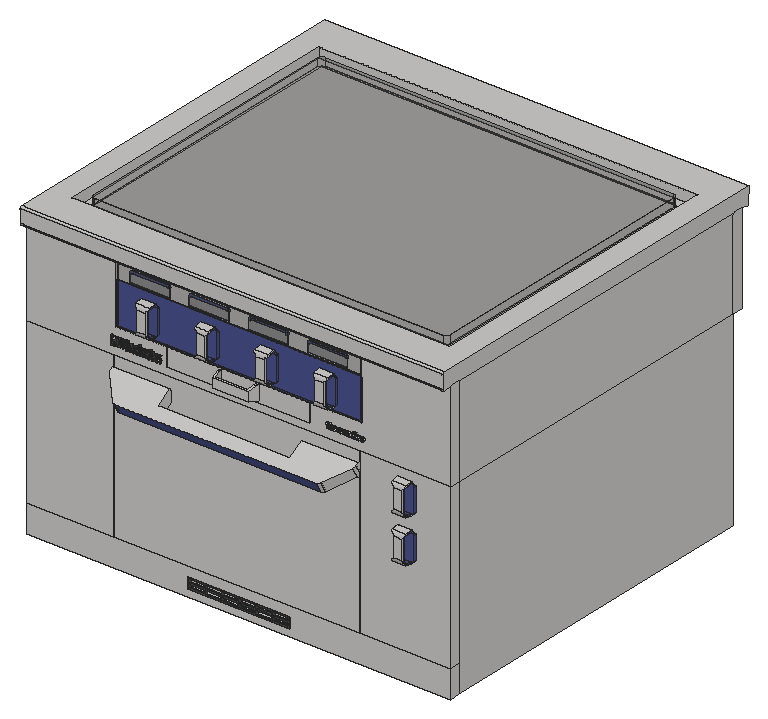
Revit family "QF_ELECTROLUXPROFESSIONAL_589649_MCLLEAJ8AO", category Attrezzature speciali, Revit 2020
Family settings
  Quota connettore circolare = Usa diametro
  Tipo di parte = Normale
  Basato su piano di lavoro = No
  Sempre verticale = Sì
  Taglio con vuoti quando caricato = No
  Condiviso = No
  Punto di calcolo locali = No
Parameters (values of type "Standard")
  Weight = 258.00 kg
  Watts = 21300 W
  Volts = 400 V
  URL Manufacturer = "https://www.electroluxprofessional.com/"
  URL = "https://www.electroluxprofessional.com/"
  Steam Supply Size = 0"
  Steam Supply Minimum Pressure = 0.00 psi
  Steam Supply Maximum Pressure = 0.00 psi
  Steam Consumption per Hour = 0
  Refrigeration Suction Line Size = 0 mm
  Refrigeration Liquid Line Size = 0 mm
  Refrigerant Compressor Remote = yes
  Prospetto di default = 0 mm
  Phase = 3
  Modello = "MCLLEAJ8AO"
  Produttore = "Electrolux Professional"
  Length Actual = 1000 mm  # constant formula
  Item Number = "589649"
  Hot Water Size = 0"
  Height Actual = 700 mm  # constant formula
  HP = "28.6 HP"
  Gas Size = 0"
  Gas KW = 0
  Gas Input Pressure = 0.0 Btu/h
  Direct Waste Size = 0"
  Descrizione = "EL.SOLID TOP,ST.OV,1S,1000X900X700H"
  Depth Actual = 900 mm  # constant formula
  Cycle = 50 Hz
  Condensate Return Size = 0"
  Compressed Air Volume = 0 GPM
  Compressed Air Size = 0"
  Compressed Air Pressure = 0.00 psi
  Cold Water Size = 0"
  Accessory = yes
Reference planes
  plane 1 "BACK": y = 0
  plane 2: z = 0
  plane 3 "LEFT": x = -100
  plane 4 "RIGHT": x = 900
  plane 5 "FRONT": y = -900
  plane 6 "TOP": z = 900
  plane 7 "Center (Left/Right)": x = 400
  plane 8: y = -450
  plane 9: z = 200
  plane 10: y = -150
  plane 11 "Panel": y = -855
  plane 12: z = 798
  plane 13: z = 1327
  plane 14: x = -22
  plane 15: x = 822
  plane 16: y = -150
  plane 17: y = -650
  plane 18 "EIx": x = 855
  plane 19 "EIy": y = -685
  plane 20: y = -880
Forms (mm)
  Extrusion 1, solid, material "QF_Finishes_Stainless Steel"
    sketch origin (-178.969, -4572, 200) x (-1, 0, 0) y (0, -1, 0)
      loop
        line (-78.969, -4527) -> (-78.969, -3717) -> (-1078.969, -3717) -> (-1078.969, -4527) -> (-78.969, -4527)
    from 450 to 663
  Extrusion 2, solid, material "QF_Finishes_Stainless Steel"
    sketch origin (-100, 0, 0) x (0, 1, 0) y (0, 0, 1)
      loop
        line (-855, 200) -> (-855, 265) -> (-880, 265) -> (-880, 200) -> (-855, 200)
    from 0 to 1000
  Extrusion 3, solid, material "QF_Finishes_Stainless Steel"
    sketch origin (-488.969, -4662, 200) x (-1, 0, 0) y (0, -1, 0)
      loop
        circle (-1343.969, -3977) r 6.35
    from 0 to -11.851
  Extrusion 4, solid, material "QF_Finishes_Stainless Steel"
    sketch origin (400, 296.4, 1219.2) x (0, 1, 0) y (0, 0, 1)
      loop
        line (-296.4, -319.2) -> (-1191.4, -319.2)
        arc (-1191.4, -319.2) -> (-1194.935, -320.664) -> (-1196.4, -324.2) r 5
        line (-1196.4, -324.2) -> (-1196.4, -355.2)
        arc (-1196.4, -355.2) -> (-1194.971, -358.264) -> (-1191.705, -359.139) r 4
        line (-1191.705, -359.139) -> (-1176.4, -356.231) -> (-316.4, -356.231) -> (-301.094, -359.139)
        arc (-301.094, -359.139) -> (-297.829, -358.264) -> (-296.4, -355.2) r 4
        line (-296.4, -355.2) -> (-296.4, -319.2)
    from -500 to 500
  Extrusion 5, solid, material "QF_Finishes_Electrolux_Black Smoke Iluminated"
    sketch origin (0, 0, 900) x (-1, 0, 0) y (0, -1, 0)
      loop
        arc (12, 109) -> (19.071, 111.929) -> (22, 119) r 10
        line (22, 119) -> (22, 780)
        arc (22, 780) -> (19.071, 787.071) -> (12, 790) r 10
        line (12, 790) -> (-812, 790)
        arc (-812, 790) -> (-819.071, 787.071) -> (-822, 780) r 10
        line (-822, 780) -> (-822, 119)
        arc (-822, 119) -> (-819.071, 111.929) -> (-812, 109) r 10
        line (-812, 109) -> (12, 109)
    from 0 to -20
  Extrusion 6, solid, material "QF_Finishes_Stainless Steel"
    sketch origin (-178.969, -4572, 200) x (-1, 0, 0) y (0, -1, 0)
      loop
        line (-78.969, -4527) -> (-78.969, -3717) -> (-1078.969, -3717) -> (-1078.969, -4527) -> (-78.969, -4527)
    from 450 to 0
  Extrusion 7, void
    sketch origin (0, -855, 0) x (-1, 0, 0) y (0, 0, 1)
      loop
        line (-520, 216.594) -> (-280, 216.594) -> (-280, 241.594) -> (-520, 241.594) -> (-520, 216.594)
    from 0 to -25
  Extrusion 8, solid, material "QF_Finishes_Black"
    sketch origin (0, -855, 0) x (-1, 0, 0) y (0, 0, 1)
      loop
        line (-280, 241.594) -> (-520, 241.594) -> (-520, 216.594) -> (-280, 216.594) -> (-280, 241.594)
      loop
        line (-282, 239.594) -> (-319.131, 239.594) -> (-319.131, 230.094) -> (-282, 230.094) -> (-282, 239.594)
      loop
        line (-282, 218.594) -> (-282, 228.094) -> (-319.131, 228.094) -> (-319.131, 218.594) -> (-282, 218.594)
      loop
        line (-321.131, 239.594) -> (-359.066, 239.594) -> (-359.066, 230.094) -> (-321.131, 230.094) -> (-321.131, 239.594)
      loop
        line (-399, 239.594) -> (-399, 230.094) -> (-361.066, 230.094) -> (-361.066, 239.594) -> (-399, 239.594)
      loop
        line (-401, 239.594) -> (-438.934, 239.594) -> (-438.934, 230.094) -> (-401, 230.094) -> (-401, 239.594)
      loop
        line (-359.066, 218.594) -> (-321.131, 218.594) -> (-321.131, 228.094) -> (-359.066, 228.094) -> (-359.066, 218.594)
      loop
        line (-361.066, 218.594) -> (-361.066, 228.094) -> (-399, 228.094) -> (-399, 218.594) -> (-361.066, 218.594)
      loop
        line (-401, 228.094) -> (-438.934, 228.094) -> (-438.934, 218.594) -> (-401, 218.594) -> (-401, 228.094)
      loop
        line (-518, 239.594) -> (-518, 230.094) -> (-480.869, 230.094) -> (-480.869, 239.594) -> (-518, 239.594)
      loop
        line (-518, 218.594) -> (-480.869, 218.594) -> (-480.869, 228.094) -> (-518, 228.094) -> (-518, 218.594)
      loop
        line (-478.869, 239.594) -> (-478.869, 230.094) -> (-440.934, 230.094) -> (-440.934, 239.594) -> (-478.869, 239.594)
      loop
        line (-440.934, 218.594) -> (-440.934, 228.094) -> (-478.869, 228.094) -> (-478.869, 218.594) -> (-440.934, 218.594)
    from -25.03 to -20
  Extrusion 9, void
    sketch origin (0, 0, 900) x (-1, 0, 0) y (0, -1, 0)
      loop
        line (47, 815) -> (-847, 815) -> (-847, 84) -> (47, 84) -> (47, 815)
    from 0 to -25
  Extrusion 10, solid, material "QF_Finishes_Stainless Steel"
    sketch origin (0, 0, 900) x (-1, 0, 0) y (0, -1, 0)
      loop
        line (18, 113) -> (18, 786) -> (-818, 786) -> (-818, 113) -> (18, 113)
    from -20 to -25
  Extrusion 11, solid, material "QF_Finishes_Stainless Steel"
    sketch origin (400, 296.4, 1219.169) x (0, 1, 0) y (0, 0, 1)
      loop
        line (-341.4, -356.2) -> (-341.4, -569.2) -> (-316.4, -569.2) -> (-316.4, -356.2) -> (-341.4, -356.2)
    from -500 to 500
Cuts and joins
  Extrusion 7 cuts Extrusion 6
  Extrusion 7 cuts Extrusion 2
  Extrusion 9 cuts Extrusion 4
Lines and regions (mm)
  symbolic lines
    curve 1: line (-100, 0, 200) -> (900, 0, 200)
    curve 2: line (-100, -900, 200) -> (-100, 0, 200)
    curve 3: line (900, -900, 200) -> (-100, -900, 200)
    curve 4: line (900, 0, 200) -> (900, -900, 200)
    curve 5: line (812, -109, 200) -> (-12, -109, 200)
    curve 6: line (-22, -119, 200) -> (-22, -780, 200)
    curve 7: line (-12, -790, 200) -> (812, -790, 200)
    curve 8: line (822, -780, 200) -> (822, -119, 200)
    curve 9: arc (-12, -109, 200) -> (-19.071, -111.929, 200) -> (-22, -119, 200) r 10
    curve 10: arc (822, -119, 200) -> (819.071, -111.929, 200) -> (812, -109, 200) r 10
    curve 11: arc (812, -790, 200) -> (819.071, -787.071, 200) -> (822, -780, 200) r 10
    curve 12: arc (-22, -780, 200) -> (-19.071, -787.071, 200) -> (-12, -790, 200) r 10
    curve 13: line (847, -84, 900) -> (-47, -84, 900)
    curve 14: line (-47, -84, 900) -> (-47, -815, 900)
    curve 15: line (847, -815, 900) -> (847, -84, 900)
    curve 16: line (-47, -815, 900) -> (847, -815, 900)
  model lines, style "SpecialityEquipment"
    curve 17: arc (634, -211, 900) -> (580.967, -339.033, 900) -> (709, -286, 900) r 75
    curve 18: line (689, -286, 900) -> (729, -286, 900)
    curve 19: line (729, -286, 900) -> (709, -266, 900)
    curve 20: line (689, -286, 900) -> (709, -266, 900)
    curve 21: arc (166, -211, 900) -> (112.967, -339.033, 900) -> (241, -286, 900) r 75
    curve 22: line (221, -286, 900) -> (261, -286, 900)
    curve 23: line (261, -286, 900) -> (241, -266, 900)
    curve 24: line (221, -286, 900) -> (241, -266, 900)
    curve 25: arc (634, -539, 900) -> (580.967, -667.033, 900) -> (709, -614, 900) r 75
    curve 26: line (689, -614, 900) -> (729, -614, 900)
    curve 27: line (729, -614, 900) -> (709, -594, 900)
    curve 28: line (689, -614, 900) -> (709, -594, 900)
    curve 29: arc (166, -539, 900) -> (112.967, -667.033, 900) -> (241, -614, 900) r 75
    curve 30: line (221, -614, 900) -> (261, -614, 900)
    curve 31: line (261, -614, 900) -> (241, -594, 900)
    curve 32: line (221, -614, 900) -> (241, -594, 900)
Dimensions and locks
  plane 3 "LEFT" to plane 4 "RIGHT" = 1000 mm
  plane 5 "FRONT" to plane 1 "BACK" = 900 mm
  plane 3 "LEFT" to plane 7 "Center (Left/Right)" to plane 4 "RIGHT" = 500 mm, 500 mm
  equal spacing: plane 5 "FRONT", plane 8, plane 1 "BACK"
  plane 6 "TOP" to level = 900 mm  (x2)
  plane 9 to level = 200 mm
  plane 1 "BACK" to plane 10 to plane 11 "Panel" = 150 mm, 705 mm  (x2)
  plane 6 "TOP" to plane 9 to level = 700 mm, 200 mm
  plane 1 "BACK" to plane 5 "FRONT" = 900 mm
  plane 1 "BACK" to Extrusion 3 = 685 mm
  plane 12 to plane 9 = 598 mm
  plane 13 to plane 6 "TOP" = 427 mm
  plane 6 "TOP" to plane 12 = 102 mm
  plane 14 to plane 3 "LEFT" = 78 mm
  plane 15 to plane 4 "RIGHT" = 78 mm
  locked: plane 1 "BACK" to plane 16 at 150
  locked: plane 16 to plane 17 at 500
  plane 11 "Panel" to plane 5 "FRONT" = 45 mm
  plane 18 "EIx" to plane 4 "RIGHT" = 45 mm
  plane 19 "EIy" to plane 1 "BACK" = 685 mm
  locked: plane 11 "Panel" to plane 20 at 25
  aligned and locked: level to plane 2
  aligned and locked: Extrusion 2 to plane 4 "RIGHT"
  aligned and locked: cut or joined group of Extrusion 4, Extrusion 9 to plane 3 "LEFT"
  aligned and locked: cut or joined group of Extrusion 4, Extrusion 9 to plane 4 "RIGHT"
  aligned and locked: cut or joined group of Extrusion 6, Extrusion 7 to plane 4 "RIGHT"
  aligned and locked: cut or joined group of Extrusion 6, Extrusion 7 to plane 3 "LEFT"
  aligned and locked: nested 1 to plane 11 "Panel"
  aligned and locked: nested 4 to plane 11 "Panel"
  aligned and locked: Extrusion 1 to plane 11 "Panel"
  aligned and locked: plane 11 "Panel" to cut or joined group of Extrusion 2, Extrusion 7
  aligned and locked: nested 2 to plane 20
  aligned and locked: nested 3 to plane 20
  aligned and locked: Extrusion 11 to plane 4 "RIGHT"
  aligned and locked: Extrusion 1 to plane 3 "LEFT"
  aligned and locked: Extrusion 11 to plane 3 "LEFT"
  aligned and locked: Extrusion 1 to plane 4 "RIGHT"
  aligned and locked: plane 3 "LEFT" to nested 1
Automatic sketch dimensions
  Extrusion 1 sketch curve to plane 4 "RIGHT" = 0 mm
  Extrusion 1 sketch curve to plane 3 "LEFT" = 0 mm
  Extrusion 1 sketch curve to plane 11 "Panel" = 0 mm
  plane 1 "BACK" to Extrusion 1 sketch curve = 45 mm
  Extrusion 2 sketch curve to plane 9 = 0 mm
  Extrusion 2 sketch curve to plane 20 = 0 mm
  Extrusion 2 sketch curve to plane 11 "Panel" = 0 mm
  plane 9 to Extrusion 2 sketch curve = 65 mm
  plane 1 "BACK" to curve 1 = 0 mm
  curve 1 to plane 4 "RIGHT" = 0 mm
  curve 8 to plane 15 = 0 mm
  curve 6 to plane 14 = 0 mm
  curve 2 to plane 3 "LEFT" = 0 mm
  plane 5 "FRONT" to curve 3 = 0 mm
  plane 15 to curve 5 = 10 mm
  plane 15 to curve 11 = 10 mm
  curve 5 to plane 14 = 10 mm
  curve 12 to curve 12 = 10 mm
  plane 10 to curve 5 = 41 mm
  plane 11 "Panel" to curve 11 = 75 mm
  Extrusion 3 sketch curve to plane 18 "EIx" = 0 mm
  Extrusion 3 sketch curve to plane 19 "EIy" = 0 mm
  Extrusion 4 sketch curve to plane 5 "FRONT" = 0 mm
  Extrusion 4 sketch curve to plane 6 "TOP" = 0 mm
  Extrusion 4 sketch curve to plane 20 = 0 mm
  Extrusion 4 sketch curve to plane 1 "BACK" = 0 mm
  Extrusion 4 sketch curve to Extrusion 4 sketch curve = 4 mm
  Extrusion 4 sketch curve to Extrusion 4 sketch curve = 0.695 mm
  Extrusion 4 sketch curve to plane 5 "FRONT" = 5 mm
  plane 1 "BACK" to Extrusion 4 sketch curve = 20 mm
  plane 1 "BACK" to Extrusion 4 sketch curve = 4.695 mm
  plane 1 "BACK" to Extrusion 4 sketch curve = 4 mm
  Extrusion 4 sketch curve to Extrusion 4 sketch curve = 31 mm
  Extrusion 4 sketch curve to Extrusion 4 sketch curve = 36 mm
  Extrusion 4 sketch curve to Extrusion 4 sketch curve = 2.909 mm
  Extrusion 5 sketch curve to plane 15 = 0 mm
  Extrusion 5 sketch curve to plane 14 = 0 mm
  plane 15 to Extrusion 5 sketch curve = 10 mm  (x2)
  Extrusion 5 sketch curve to Extrusion 5 sketch curve = 10 mm  (x2)
  plane 10 to Extrusion 5 sketch curve = 41 mm
  plane 11 "Panel" to Extrusion 5 sketch curve = 75 mm
  Extrusion 6 sketch curve to plane 4 "RIGHT" = 0 mm
  Extrusion 6 sketch curve to plane 3 "LEFT" = 0 mm
  Extrusion 6 sketch curve to plane 11 "Panel" = 0 mm
  plane 1 "BACK" to Extrusion 6 sketch curve = 45 mm
  plane 9 to Extrusion 7 sketch curve = 41.594 mm
  plane 7 "Center (Left/Right)" to Extrusion 7 sketch curve = 120 mm
  Extrusion 7 sketch curve to plane 7 "Center (Left/Right)" = 120 mm
  plane 9 to Extrusion 7 sketch curve = 16.594 mm
  plane 9 to Extrusion 8 sketch curve = 41.594 mm
  plane 7 "Center (Left/Right)" to Extrusion 8 sketch curve = 120 mm
  Extrusion 8 sketch curve to Extrusion 8 sketch curve = 2 mm  (x15)
  Extrusion 8 sketch curve to Extrusion 8 sketch curve = 0 mm  (x16)
  Extrusion 8 sketch curve to Extrusion 8 sketch curve = 37.131 mm  (x2)
  Extrusion 8 sketch curve to Extrusion 8 sketch curve = 37.934 mm  (x3)
  plane 7 "Center (Left/Right)" to Extrusion 8 sketch curve = 1 mm  (x2)
  Extrusion 8 sketch curve to plane 7 "Center (Left/Right)" = 1 mm  (x2)
  plane 9 to Extrusion 8 sketch curve = 18.594 mm  (x4)
  Extrusion 8 sketch curve to Extrusion 8 sketch curve = 9.5 mm  (x6)
  plane 18 "EIx" to Extrusion 9 sketch curve = 8 mm
  plane 14 to Extrusion 9 sketch curve = 25 mm
  plane 10 to Extrusion 9 sketch curve = 66 mm
  plane 11 "Panel" to Extrusion 9 sketch curve = 40 mm
  plane 15 to Extrusion 10 sketch curve = 4 mm
  Extrusion 10 sketch curve to plane 14 = 4 mm
  plane 10 to Extrusion 10 sketch curve = 37 mm
  plane 11 "Panel" to Extrusion 10 sketch curve = 69 mm
  plane 18 "EIx" to curve 16 = 8 mm
  plane 15 to curve 19 = 93 mm
  curve 27 to plane 17 = 36 mm
  plane 15 to curve 27 = 93 mm
  curve 26 to curve 27 = 20 mm
  curve 18 to curve 20 = 20 mm
  curve 19 to curve 20 = 20 mm
  curve 28 to curve 26 = 20 mm
  curve 18 to curve 17 = 55 mm
  curve 26 to curve 25 = 55 mm
  curve 31 to plane 17 = 36 mm
  curve 31 to plane 7 "Center (Left/Right)" = 139 mm
  curve 23 to plane 7 "Center (Left/Right)" = 139 mm
  curve 22 to curve 24 = 20 mm
  curve 30 to curve 31 = 20 mm
  curve 32 to curve 32 = 20 mm
  curve 23 to curve 24 = 20 mm
  curve 22 to curve 21 = 55 mm
  curve 30 to curve 29 = 55 mm
  plane 14 to curve 14 = 25 mm
  curve 22 to plane 10 = 136 mm
  curve 18 to plane 10 = 136 mm
  plane 10 to curve 13 = 66 mm
  plane 11 "Panel" to curve 15 = 40 mm
  curve 25 to curve 26 = 20 mm
  curve 17 to curve 18 = 20 mm
  curve 29 to curve 30 = 20 mm
  curve 21 to curve 22 = 20 mm
  plane 1 "BACK" to Extrusion 11 sketch curve = 45 mm
  plane 1 "BACK" to Extrusion 11 sketch curve = 20 mm
  Extrusion 11 sketch curve to plane 12 = 148.031 mm
  Extrusion 11 sketch curve to plane 6 "TOP" = 37.031 mm
  radius of Extrusion 3 sketch curve = 6.35 mm
Nested families
  nested 1: "Door_Panel_W1000_A" at (400, -855, 0), type "Door_Panel_W1000_A"
  nested 2: "FIT Range Control Handle" at (795, -883.137, -372.751), type "FIT Range Control Handle"
  nested 3: "FIT Range Control Handle" at (795, -883.137, -474.751), type "FIT Range Control Handle"
  nested 4: "Front_Panel_W1000_Four Knobs" at (102.376, -855, 0), type "Front_Panel_W1000_Four Knobs"
Connectors
  electrical at (855, -685, 188.149)
    settings: on Extrusion 3, index 1, voltage 400 V, apparent load 33000 VA, apparent load phase1 0 VA, apparent load phase2 0 VA, apparent load phase3 0 VA, power factor 1, load classification "Other", number of poles 1, system type 30, power factor state 1, is connector primary yes, connector utility no, sub classification motor no, connector description "ELECTRICAL CONNECTION"
Definition of nested family "Door_Panel_W1000_A"
  Parameters
    Default Elevation = 0 mm
  Reference planes
    plane 1 "Center (Front/Back)": y = 0
    plane 2 "Ref. Level": z = 0
    plane 3: x = 500
    plane 4: x = -500
    plane 5 "Center (Left/Right)": x = 0
    plane 6: x = -295
    plane 7: x = 285
    plane 8 "Manopola": through (-6096, -50.059, 612.389) normal (0, -0.515, 0.8572)
    plane 9 "Top": z = 650
    plane 10: z = 265
    plane 11: z = 200
  Forms (mm)
    Extrusion 1, solid
      sketch origin (0, 0, 0) x (0, 1, 0) y (0, 0, 1)
        loop
          line (-25.03, 650) -> (-25.03, 265) -> (0, 265) -> (0, 650) -> (-25.03, 650)
      from 285 to 500
    Extrusion 2, solid
      sketch origin (0, 0, 0) x (0, 1, 0) y (0, 0, 1)
        loop
          line (-25.03, 650) -> (-25.03, 265) -> (0, 265) -> (0, 650) -> (-25.03, 650)
      from -500 to -295
    Extrusion 3, solid
      sketch origin (0, 0, 0) x (0, 1, 0) y (0, 0, 1)
        loop
          line (-25.03, 650) -> (-25.03, 265) -> (0, 265) -> (0, 650) -> (-25.03, 650)
      from -295 to 285
    Extrusion 4, solid
      sketch origin (0, -283.633, 472.044) x (0, 0.857167, 0.515038) y (-1, 0, 0)
        loop
          line (299.12, -285) -> (299.12, 295) -> (290.982, 295)
          arc (290.982, 295) -> (286.677, 294.026) -> (283.211, 291.293) r 10
          line (283.211, 291.293) -> (233.28, 250.86)
          arc (233.28, 250.86) -> (230.548, 247.394) -> (229.574, 243.089) r 10
          line (229.574, 243.089) -> (229.574, -233.089)
          arc (229.574, -233.089) -> (230.548, -237.394) -> (233.28, -240.86) r 10
          line (233.28, -240.86) -> (283.211, -281.293)
          arc (283.211, -281.293) -> (286.677, -284.026) -> (290.982, -285) r 10
          line (290.982, -285) -> (299.12, -285)
      from -27 to 0
    Extrusion 5, void
      sketch origin (0, 0, 0) x (0, 1, 0) y (0, 0, 1)
        loop
          line (-61.514, 605.507) -> (-47.608, 582.363) -> (-25.03, 595.93) -> (-25.03, 627.429) -> (-61.514, 605.507)
      from -160 to 150
    Extrusion 6, solid, detail levels coarse
      sketch origin (0, 0, 0) x (0, 1, 0) y (0, 0, 1)
        loop
          line (-25.03, 265) -> (-25.03, 650)
          arc (-25.03, 650) -> (-297.266, 537.236) -> (-410.03, 265) r 385
          line (-410.03, 265) -> (-25.03, 265)
      from -295 to 285
  Cuts and joins
    Extrusion 5 cuts Extrusion 4
    joined: Extrusion 3, Extrusion 4
  Lines and regions (mm)
    symbolic lines
      curve 1: line (-287.355, -45.043, 0) -> (-250.86, -83.673, 0)
      curve 2: line (-243.089, -86.85, 0) -> (233.089, -86.85, 0)
      curve 3: line (240.86, -83.673, 0) -> (277.355, -45.043, 0)
      curve 4: arc (-243.089, -86.85, 0) -> (-247.318, -86.101, 0) -> (-250.86, -83.673, 0) r 10.165
      curve 5: arc (233.089, -86.85, 0) -> (237.318, -86.101, 0) -> (240.86, -83.673, 0) r 10.165
      curve 6: line (-295, -45.043, 0) -> (-295, -410.03, 0)
      curve 7: line (-295, -410.03, 0) -> (285, -410.03, 0)
      curve 8: line (285, -410.03, 0) -> (285, -45.03, 0)
  Dimensions and locks
    plane 3 to plane 4 = 1000 mm
    plane 4 to plane 3 = 1000 mm
    equal spacing: plane 3, plane 5 "Center (Left/Right)", plane 4
    plane 6 to plane 4 = 205 mm
    plane 3 to plane 7 = 215 mm
    plane 11 to level = 200 mm
    plane 10 to plane 11 = 65 mm
    plane 10 to plane 9 "Top" = 385 mm
    plane 9 "Top" to plane 11 = 450 mm
    aligned and locked: plane 3 to Extrusion 1
    aligned and locked: cut or joined group of Extrusion 3, Extrusion 4, Extrusion 5 to plane 6
    aligned and locked: cut or joined group of Extrusion 3, Extrusion 4, Extrusion 5 to plane 7
    aligned and locked: plane 7 to Extrusion 1
    aligned and locked: plane 6 to Extrusion 2
    aligned and locked: Extrusion 2 to plane 4
    aligned and locked: plane 10 to Extrusion 2
    aligned and locked: plane 10 to cut or joined group of Extrusion 3, Extrusion 4, Extrusion 5
    aligned and locked: plane 10 to Extrusion 1
    aligned and locked: Extrusion 6 to plane 6
    aligned and locked: Extrusion 6 to plane 7
  Automatic sketch dimensions
    Extrusion 5 sketch curve to plane 8 "Manopola" = 0 mm  (x2)
    plane 1 "Center (Front/Back)" to Extrusion 5 sketch curve = 61.514 mm
    Extrusion 5 sketch curve to Extrusion 5 sketch curve = 13.906 mm
    plane 1 "Center (Front/Back)" to Extrusion 5 sketch curve = 25.03 mm
    Extrusion 4 sketch curve to plane 7 = 0 mm
    Extrusion 4 sketch curve to plane 6 = 0 mm
    plane 6 to Extrusion 4 sketch curve = 51.911 mm
    plane 7 to Extrusion 4 sketch curve = 44.14 mm
    Extrusion 4 sketch curve to Extrusion 4 sketch curve = 3.707 mm  (x2)
    plane 6 to Extrusion 4 sketch curve = 44.14 mm
    plane 7 to Extrusion 4 sketch curve = 3.707 mm
    Extrusion 4 sketch curve to Extrusion 4 sketch curve = 49.93 mm  (x2)
    plane 6 to Extrusion 4 sketch curve = 3.707 mm
    Extrusion 4 sketch curve to Extrusion 4 sketch curve = 7.771 mm  (x3)
    Extrusion 4 sketch curve to Extrusion 4 sketch curve = 8.138 mm
    Extrusion 2 sketch curve to plane 1 "Center (Front/Back)" = 0 mm
    Extrusion 3 sketch curve to plane 1 "Center (Front/Back)" = 0 mm
    Extrusion 1 sketch curve to plane 1 "Center (Front/Back)" = 0 mm
    Extrusion 2 sketch curve to plane 9 "Top" = 0 mm
    Extrusion 2 sketch curve to Extrusion 2 sketch curve = 25.03 mm
    Extrusion 3 sketch curve to plane 9 "Top" = 0 mm
    Extrusion 3 sketch curve to Extrusion 3 sketch curve = 25.03 mm
    Extrusion 1 sketch curve to plane 9 "Top" = 0 mm
    plane 1 "Center (Front/Back)" to Extrusion 1 sketch curve = 25.03 mm
    level to Extrusion 1 sketch curve = 265 mm
    level to Extrusion 2 sketch curve = 265 mm
    level to Extrusion 3 sketch curve = 265 mm
    plane 10 to Extrusion 6 sketch curve = 0 mm
    Extrusion 6 sketch curve to plane 9 "Top" = 0 mm
    plane 1 "Center (Front/Back)" to Extrusion 6 sketch curve = 25.03 mm
    curve 7 to plane 7 = 0 mm
    plane 6 to curve 1 = 44.14 mm
    curve 4 to curve 4 = 7.389 mm
    curve 4 to curve 2 = 7.771 mm
    plane 7 to curve 2 = 51.911 mm
    curve 2 to curve 5 = 0.382 mm
    curve 2 to curve 3 = 7.771 mm
    plane 1 "Center (Front/Back)" to curve 6 = 410.03 mm
    plane 1 "Center (Front/Back)" to curve 2 = 86.85 mm
    curve 2 to curve 3 = 3.177 mm
    curve 2 to curve 1 = 3.177 mm
    plane 7 to curve 3 = 7.645 mm
    plane 1 "Center (Front/Back)" to curve 3 = 45.043 mm
    curve 3 to curve 8 = 0.013 mm
    curve 7 to plane 6 = 0 mm
    curve 6 to curve 1 = 7.645 mm
    plane 1 "Center (Front/Back)" to curve 1 = 45.043 mm
    curve 6 to curve 1 = 0 mm
Definition of nested family "FIT Range Control Handle"
  Parameters
    Default Elevation = 0 mm
  Reference planes
    plane 1 "Center (Front/Back)": y = 0
    plane 2: z = 0
    plane 3 "Center (Left/Right)": x = 0
    plane 4: z = 971.092
    plane 5: y = -16.8
  Forms (mm)
    Extrusion 1, solid
      sketch origin (-746.28, 380.497, 208.931) x (-1, 0, 0) y (0, 0, 1)
        loop
          line (-770.101, 786.798) -> (-770.101, 731.649)
          arc (-770.101, 731.649) -> (-769.759, 730.563) -> (-768.855, 729.87) r 1.893
          line (-768.855, 729.87) -> (-763.474, 727.911) -> (-729.81, 727.911) -> (-724.428, 729.87)
          arc (-724.428, 729.87) -> (-723.525, 730.563) -> (-723.183, 731.649) r 1.893
          line (-723.183, 731.649) -> (-723.183, 786.798)
          arc (-723.183, 786.798) -> (-723.529, 787.894) -> (-724.44, 788.593) r 1.91
          line (-724.44, 788.593) -> (-729.683, 790.819) -> (-763.601, 790.819) -> (-768.844, 788.593)
          arc (-768.844, 788.593) -> (-769.755, 787.894) -> (-770.101, 786.798) r 1.91
      from -382.35 to -378.852
    Sweep 2, solid
      path origin (-746.788, 380.496, 208.091) x (0, -1, 0) y (0, 0, 1)
        loop
          line (379.775, 793.281) -> (395.661, 791.048)
          arc (395.661, 791.048) -> (397.781, 787.377) -> (398.517, 783.202) r 12.207
          line (398.517, 783.202) -> (398.517, 737.368)
          arc (398.517, 737.368) -> (397.781, 733.193) -> (395.661, 729.522) r 12.207
          line (395.661, 729.522) -> (379.775, 727.289)
      profile origin (-746.788, -7.222, 1000.256) x (0, -0.139173, 0.990268) y (-1, 0, 0)
        loop
          line (0.782, -763.123) -> (0.782, -730.907) -> (-1.322, -730.907) -> (-1.322, -763.123) -> (0.782, -763.123)
    Sweep 3, solid
      path origin (-746.788, 380.715, 207.832) x (0, -1, 0) y (0, 0, 1)
        loop
          line (380.478, 795.442) -> (397.218, 793.09)
          arc (397.218, 793.09) -> (399.929, 788.473) -> (400.871, 783.202) r 15.207
          line (400.871, 783.202) -> (400.871, 737.584)
          arc (400.871, 737.584) -> (399.914, 732.274) -> (397.164, 727.633) r 15.207
          line (397.164, 727.633) -> (380.601, 725.305)
      profile origin (-746.788, -8.132, 1002.099) x (0, -0.139173, 0.990268) y (-1, 0, 0)
        loop
          line (0.782, -763.123) -> (0.782, -730.907) -> (-1.322, -730.907) -> (-1.322, -763.123) -> (0.782, -763.123)
    Extrusion 4, void
      sketch origin (889.253, 220.666, 207.993) x (1, 0, 0) y (0, 0, 1)
        loop
          line (-943.038, 816.854) -> (-943.038, 703.686) -> (-899.466, 734.196) -> (-899.466, 786.344) -> (-943.038, 816.854)
      from 230.636 to 242.25
    Extrusion 5, void
      sketch origin (-888.8, 220.666, 207.993) x (-1, 0, 0) y (0, 0, -1)
        loop
          line (-943.038, -816.854) -> (-899.466, -786.344) -> (-899.466, -734.196) -> (-943.038, -703.686) -> (-943.038, -816.854)
      from 230.636 to 242.25
    Extrusion 6, solid
      sketch origin (0, 0, 0) x (1, 0, 0) y (0, 0, 1)
        loop
          circle (0, 971.092) r 7.736
      from -3.137 to -1.645
  Cuts and joins
    Extrusion 4, Extrusion 5 cuts Sweep 3
    Extrusion 4, Extrusion 5 cuts Sweep 2
    joined: Extrusion 1, Extrusion 6
  Lines and regions (mm)
    symbolic lines
      curve 1: line (-15.881, -19.189, 0) -> (-15.881, -16.8, 0)
      curve 2: line (16.334, -19.189, 0) -> (16.334, -16.8, 0)
      curve 3: spline (-15.881, -19.189, 0) -> (-15.417, -19.349, 0) -> (-14.951, -19.501, 0) -> (-14.483, -19.646, 0) -> (-14.014, -19.783, 0) -> (-13.543, -19.912, 0) -> (-13.071, -20.033, 0) -> (-12.597, -20.146, 0) -> (-12.122, -20.251, 0) -> (-11.646, -20.349, 0) -> (-11.169, -20.438, 0) -> (-10.691, -20.52, 0) -> (-10.213, -20.593, 0)
      curve 4: spline (10.666, -20.593, 0) -> (11.144, -20.52, 0) -> (11.622, -20.438, 0) -> (12.099, -20.349, 0) -> (12.575, -20.251, 0) -> (13.05, -20.146, 0) -> (13.524, -20.033, 0) -> (13.996, -19.912, 0) -> (14.467, -19.783, 0) -> (14.936, -19.646, 0) -> (15.404, -19.501, 0) -> (15.87, -19.349, 0) -> (16.334, -19.189, 0)
      curve 5: line (-10.213, -20.938, 0) -> (10.716, -20.938, 0)
  Dimensions and locks
    cut or joined group of Sweep 3, Extrusion 4, Extrusion 5 to cut or joined group of Sweep 3, Extrusion 4, Extrusion 5 = 71.686 mm
Definition of nested family "Front_Panel_W1000_Four Knobs"
  Parameters
    Default Elevation = 0 mm
  Reference planes
    plane 1 "Center (Front/Back)": y = 0
    plane 2: z = 0
    plane 3 "Center (Left/Right)": x = 297.624
    plane 4 "Left": x = -202.376
    plane 5 "Right": x = 797.624
    plane 6: y = -45
    plane 7: x = 87.624
    plane 8: x = 227.624
    plane 9: y = -310
    plane 10: y = -25
    plane 11: x = -2.376
    plane 12: x = 367.624
    plane 13: x = 507.624
    plane 14: x = 594.715
  Forms (mm)
    Extrusion 1, solid
      sketch origin (833.217, 829.203, -1.25) x (0, 1, 0) y (0, 0, 1)
        loop
          line (-854.203, 651.25) -> (-829.203, 651.25) -> (-829.203, 864.25) -> (-854.203, 864.25) -> (-854.203, 651.25)
      from -1035.593 to -35.593
    Extrusion 2, void
      sketch origin (0, 0, 0) x (1, 0, 0) y (0, 0, 1)
        loop
          line (7.624, 853.866) -> (7.624, 711.866) -> (587.624, 711.866) -> (587.624, 853.866) -> (7.624, 853.866)
      from 19.387 to 33.951
    Extrusion 3, void
      sketch origin (0, 0, 0) x (1, 0, 0) y (0, 0, 1)
        loop
          line (128.624, 711.866) -> (128.624, 668.866) -> (466.624, 668.866) -> (466.624, 711.866) -> (128.624, 711.866)
      from 19.387 to 25
    Extrusion 4, solid
      sketch origin (150, 0, 1) x (1, 0, 0) y (0, 0, 1)
        loop
          line (-21.376, 710.866) -> (-21.376, 667.866) -> (316.624, 667.866) -> (316.624, 710.866) -> (-21.376, 710.866)
      from 19.387 to 25
    Extrusion 5, solid
      sketch origin (150, 0, 1) x (1, 0, 0) y (0, 1, 0)
        loop
          line (106.059, -25) -> (100.966, -25) -> (105.646, -49.075) -> (189.603, -49.075) -> (194.283, -25) -> (189.189, -25) -> (185.481, -44.075) -> (109.767, -44.075) -> (106.059, -25)
      from 672.593 to 705.67
    Extrusion 6, void
      sketch origin (297.624, 0, 1) x (0, 1, 0) y (0, 0, 1)
        loop
          line (-30, 705.67) -> (-30, 710.67) -> (-56.744, 710.67) -> (-56.744, 667.593) -> (-30, 667.593) -> (-30, 672.593) -> (-53.776, 680.318) -> (-53.776, 697.945) -> (-30, 705.67)
      from -50 to 50
    Extrusion 7, solid, detail levels coarse
      sketch origin (150, -265, 1) x (1, 0, 0) y (0, 1, 0)
        loop
          line (106.164, -71.744) -> (189.084, -71.744) -> (194.283, -45) -> (316.624, -45) -> (316.624, 240) -> (-21.376, 240) -> (-21.376, -45) -> (100.966, -45) -> (106.164, -71.744)
      from 672.593 to 705.67
    Extrusion 8, void
      sketch origin (297.624, -280, 1) x (0, 1, 0) y (0, 0, 1)
        loop
          line (-30, 705.67) -> (-30, 710.67) -> (-56.744, 710.67) -> (-56.744, 667.593) -> (-30, 667.593) -> (-30, 672.593) -> (-53.776, 680.318) -> (-53.776, 697.945) -> (-30, 705.67)
      from -50 to 50
  Cuts and joins
    Extrusion 2, Extrusion 3 cuts Extrusion 1
    Extrusion 6 cuts Extrusion 5
    Extrusion 6, Extrusion 8 cuts Extrusion 7
  Lines and regions (mm)
    symbolic lines
      curve 1: line (128.624, -45, 0) -> (128.624, -310, 0)
      curve 2: line (128.624, -310, 0) -> (466.624, -310, 0)
      curve 3: line (466.624, -310, 0) -> (466.624, -45, 0)
      curve 4: line (128.624, -300, 0) -> (466.624, -300, 0)
      curve 5: line (250.908, -309.701, 0) -> (255.587, -333.776, 0)
      curve 6: line (255.587, -333.776, 0) -> (339.545, -333.776, 0)
      curve 7: line (339.545, -333.776, 0) -> (344.225, -309.701, 0)
      curve 8: line (256.001, -309.701, 0) -> (259.709, -328.776, 0)
      curve 9: line (259.709, -328.776, 0) -> (335.423, -328.776, 0)
      curve 10: line (335.423, -328.776, 0) -> (339.131, -309.701, 0)
  Dimensions and locks
    equal spacing: plane 5 "Right", plane 3 "Center (Left/Right)", plane 4 "Left"
    plane 5 "Right" to plane 4 "Left" = 1000 mm
    plane 3 "Center (Left/Right)" to plane 7 = 210 mm
    plane 3 "Center (Left/Right)" to plane 8 = 70 mm
    plane 6 to plane 9 = 265 mm
    plane 13 to plane 3 "Center (Left/Right)" = 210 mm
    plane 12 to plane 3 "Center (Left/Right)" = 70 mm
    aligned and locked: cut or joined group of Extrusion 1, Extrusion 2, Extrusion 3 to plane 4 "Left"
    aligned and locked: plane 5 "Right" to cut or joined group of Extrusion 1, Extrusion 2, Extrusion 3
    aligned and locked: plane 3 "Center (Left/Right)" to nested 2
    aligned and locked: cut or joined group of Extrusion 1, Extrusion 2, Extrusion 3 to nested 2
  Automatic sketch dimensions
    plane 7 to Extrusion 3 sketch curve = 41 mm
    plane 3 "Center (Left/Right)" to Extrusion 3 sketch curve = 169 mm
    level to Extrusion 3 sketch curve = 668.866 mm
    Extrusion 3 sketch curve to Extrusion 3 sketch curve = 43 mm
    Extrusion 1 sketch curve to plane 1 "Center (Front/Back)" = 0 mm
    level to Extrusion 1 sketch curve = 650 mm
    plane 4 "Left" to Extrusion 2 sketch curve = 210 mm
    Extrusion 2 sketch curve to plane 5 "Right" = 210 mm
    level to Extrusion 2 sketch curve = 711.866 mm
    Extrusion 2 sketch curve to Extrusion 2 sketch curve = 142 mm
    plane 6 to curve 1 = 0 mm
    plane 6 to curve 3 = 0 mm
    plane 9 to curve 1 = 0 mm
    plane 7 to curve 1 = 41 mm
    curve 1 to curve 4 = 10 mm
    Extrusion 1 sketch curve to plane 6 = 20 mm
    Extrusion 1 sketch curve to Extrusion 1 sketch curve = 213 mm
    plane 7 to Extrusion 4 sketch curve = 41 mm
    Extrusion 4 sketch curve to plane 13 = 41 mm
    level to Extrusion 4 sketch curve = 668.866 mm
    Extrusion 4 sketch curve to Extrusion 4 sketch curve = 43 mm
    plane 10 to Extrusion 5 sketch curve = 0 mm  (x2)
    plane 8 to Extrusion 5 sketch curve = 23.342 mm
    plane 6 to Extrusion 5 sketch curve = 4.075 mm
    Extrusion 5 sketch curve to Extrusion 5 sketch curve = 4.68 mm
    Extrusion 5 sketch curve to Extrusion 5 sketch curve = 5.094 mm  (x2)
    Extrusion 5 sketch curve to plane 6 = 0.925 mm
    Extrusion 5 sketch curve to Extrusion 5 sketch curve = 4.122 mm  (x2)
    Extrusion 5 sketch curve to plane 12 = 32.143 mm
    Extrusion 5 sketch curve to Extrusion 5 sketch curve = 3.708 mm
    plane 6 to Extrusion 6 sketch curve = 11.744 mm
    plane 6 to Extrusion 6 sketch curve = 8.776 mm
    plane 10 to Extrusion 6 sketch curve = 5 mm  (x2)
    level to Extrusion 6 sketch curve = 668.593 mm
    Extrusion 6 sketch curve to Extrusion 6 sketch curve = 5 mm
    Extrusion 6 sketch curve to Extrusion 6 sketch curve = 12.725 mm  (x2)
    Extrusion 6 sketch curve to Extrusion 6 sketch curve = 17.627 mm
    Extrusion 6 sketch curve to Extrusion 6 sketch curve = 7.725 mm
    plane 10 to Extrusion 7 sketch curve = 0 mm
    Extrusion 7 sketch curve to plane 9 = 0 mm  (x2)
    plane 7 to Extrusion 7 sketch curve = 41 mm
    plane 8 to Extrusion 7 sketch curve = 23.342 mm
    Extrusion 7 sketch curve to Extrusion 7 sketch curve = 5.199 mm
    Extrusion 7 sketch curve to plane 12 = 28.54 mm
    Extrusion 7 sketch curve to plane 12 = 23.342 mm
    Extrusion 7 sketch curve to plane 13 = 41 mm
    Extrusion 7 sketch curve to plane 9 = 26.744 mm
    Extrusion 8 sketch curve to plane 9 = 0 mm  (x2)
    Extrusion 8 sketch curve to plane 9 = 23.776 mm
    Extrusion 8 sketch curve to Extrusion 8 sketch curve = 2.968 mm
    level to Extrusion 8 sketch curve = 668.593 mm
    Extrusion 8 sketch curve to Extrusion 8 sketch curve = 5 mm
    Extrusion 8 sketch curve to Extrusion 8 sketch curve = 12.725 mm  (x2)
    Extrusion 8 sketch curve to Extrusion 8 sketch curve = 17.627 mm
    Extrusion 8 sketch curve to Extrusion 8 sketch curve = 7.725 mm
    curve 3 to plane 13 = 41 mm
    plane 9 to curve 5 = 0.299 mm
    plane 8 to curve 5 = 23.283 mm
    curve 5 to curve 5 = 4.68 mm
    plane 9 to curve 8 = 0.299 mm
    curve 5 to curve 8 = 5.094 mm
    curve 5 to curve 9 = 4.122 mm
    curve 9 to plane 12 = 32.201 mm
    plane 9 to curve 10 = 0.299 mm
    curve 9 to curve 10 = 3.708 mm
    curve 9 to curve 7 = 4.122 mm
    plane 9 to curve 7 = 0.299 mm
    curve 10 to curve 7 = 5.094 mm
    curve 9 to plane 9 = 18.776 mm
    curve 6 to curve 8 = 5 mm
  Nested families
    nested 1: "Range Control Handle" at (87.624, -28.137, -209.113) x (-1, 0, 0) z (0, 0, 1), type "Range Control Handle"
    nested 2: "Front glass control panel W1000" at (297.624, 280.644, 2.752), type "Front glass control panel W1000"
    nested 3: "Range Control Handle" at (227.624, -28.137, -209.113) x (-1, 0, 0) z (0, 0, 1), type "Range Control Handle"
    nested 4: "Range Control Handle" at (367.624, -28.137, -209.113), type "Range Control Handle"
    nested 5: "Range Control Handle" at (507.624, -28.137, -209.113), type "Range Control Handle"
    nested 6: "ELX_ThermaLine_Small" at (546.122, -25, 679.426) x (1, 0, 0) z (0, -1, 0), type "ELX_ThermaLine_Small"
      with Show Logo yes, Material_Logo none
    nested 7: "ELX_Professional_Logo_Small" at (57.11, -25, 681.659) x (1, 0, 0) z (0, -1, 0), type "ELX_Professional_Logo_Small"
      with Show Logo yes, Material_Logo none
  Definition of nested family "Range Control Handle"
    Parameters
      Default Elevation = 0 mm
    Reference planes
      plane 1 "Center (Front/Back)": y = 0
      plane 2: z = 0
      plane 3 "Center (Left/Right)": x = 0
      plane 4: z = 971.092
      plane 5: y = -16.9
    Forms (mm)
      Extrusion 1, solid
        sketch origin (-746.28, 380.497, 208.931) x (-1, 0, 0) y (0, 0, 1)
          loop
            line (-770.101, 786.798) -> (-770.101, 731.649)
            arc (-770.101, 731.649) -> (-769.759, 730.563) -> (-768.855, 729.87) r 1.893
            line (-768.855, 729.87) -> (-763.474, 727.911) -> (-729.81, 727.911) -> (-724.428, 729.87)
            arc (-724.428, 729.87) -> (-723.525, 730.563) -> (-723.183, 731.649) r 1.893
            line (-723.183, 731.649) -> (-723.183, 786.798)
            arc (-723.183, 786.798) -> (-723.529, 787.894) -> (-724.44, 788.593) r 1.91
            line (-724.44, 788.593) -> (-729.683, 790.819) -> (-763.601, 790.819) -> (-768.844, 788.593)
            arc (-768.844, 788.593) -> (-769.755, 787.894) -> (-770.101, 786.798) r 1.91
        from -382.35 to -378.852
      Sweep 2, solid
        path origin (-746.788, 380.496, 208.091) x (0, -1, 0) y (0, 0, 1)
          loop
            line (379.775, 793.281) -> (395.661, 791.048)
            arc (395.661, 791.048) -> (397.781, 787.377) -> (398.517, 783.202) r 12.207
            line (398.517, 783.202) -> (398.517, 737.368)
            arc (398.517, 737.368) -> (397.781, 733.193) -> (395.661, 729.522) r 12.207
            line (395.661, 729.522) -> (379.775, 727.289)
        profile origin (-746.788, -7.222, 1000.256) x (0, -0.139173, 0.990268) y (-1, 0, 0)
          loop
            line (0.782, -763.123) -> (0.782, -730.907) -> (-1.322, -730.907) -> (-1.322, -763.123) -> (0.782, -763.123)
      Sweep 3, solid
        path origin (-746.788, 380.715, 207.832) x (0, -1, 0) y (0, 0, 1)
          loop
            line (380.478, 795.442) -> (397.218, 793.09)
            arc (397.218, 793.09) -> (399.929, 788.473) -> (400.871, 783.202) r 15.207
            line (400.871, 783.202) -> (400.871, 737.584)
            arc (400.871, 737.584) -> (399.914, 732.274) -> (397.164, 727.633) r 15.207
            line (397.164, 727.633) -> (380.601, 725.305)
        profile origin (-746.788, -8.132, 1002.099) x (0, -0.139173, 0.990268) y (-1, 0, 0)
          loop
            line (0.782, -763.123) -> (0.782, -730.907) -> (-1.322, -730.907) -> (-1.322, -763.123) -> (0.782, -763.123)
      Extrusion 4, void
        sketch origin (889.253, 220.666, 207.993) x (1, 0, 0) y (0, 0, 1)
          loop
            line (-943.038, 816.854) -> (-943.038, 703.686) -> (-899.466, 734.196) -> (-899.466, 786.344) -> (-943.038, 816.854)
        from 230.636 to 242.25
      Extrusion 5, void
        sketch origin (-888.8, 220.666, 207.993) x (-1, 0, 0) y (0, 0, -1)
          loop
            line (-943.038, -816.854) -> (-899.466, -786.344) -> (-899.466, -734.196) -> (-943.038, -703.686) -> (-943.038, -816.854)
        from 230.636 to 242.25
      Extrusion 6, solid
        sketch origin (0, 0, 0) x (1, 0, 0) y (0, 0, 1)
          loop
            circle (0, 971.092) r 7.736
        from -3.137 to -1.645
    Cuts and joins
      Extrusion 4, Extrusion 5 cuts Sweep 3
      Extrusion 4, Extrusion 5 cuts Sweep 2
      joined: Extrusion 1, Extrusion 6
    Lines and regions (mm)
      symbolic lines
        curve 1: line (16.334, -16.9, 0) -> (16.334, -19.227, 0)
        curve 2: spline (16.334, -19.227, 0) -> (15.87, -19.385, 0) -> (15.404, -19.536, 0) -> (14.936, -19.678, 0) -> (14.466, -19.813, 0) -> (13.995, -19.94, 0) -> (13.523, -20.059, 0) -> (13.049, -20.171, 0) -> (12.575, -20.274, 0) -> (12.099, -20.37, 0) -> (11.622, -20.458, 0) -> (11.144, -20.537, 0) -> (10.666, -20.609, 0)
        curve 3: line (10.666, -16.9, 0) -> (10.666, -20.938, 0)
        curve 4: line (-10.213, -20.938, 0) -> (10.666, -20.938, 0)
        curve 5: line (-10.213, -20.938, 0) -> (-10.213, -16.9, 0)
        curve 6: spline (-10.213, -20.609, 0) -> (-10.691, -20.537, 0) -> (-11.169, -20.458, 0) -> (-11.646, -20.37, 0) -> (-12.122, -20.274, 0) -> (-12.597, -20.171, 0) -> (-13.07, -20.059, 0) -> (-13.542, -19.94, 0) -> (-14.013, -19.813, 0) -> (-14.483, -19.678, 0) -> (-14.951, -19.536, 0) -> (-15.417, -19.385, 0) -> (-15.881, -19.227, 0)
        curve 7: line (-15.881, -19.227, 0) -> (-15.881, -16.9, 0)
  Definition of nested family "Front glass control panel W1000"
    Parameters
      Default Elevation = 0 mm
    Reference planes
      plane 1 "Center (Front/Back)": y = 0
      plane 2: z = 0
      plane 3 "Center (Left/Right)": x = 0
    Forms (mm)
      Extrusion 1, solid
        sketch origin (378.286, 0, 0.617) x (1, 0, 0) y (0, 0, 1)
          loop
            line (-668.286, 806.791) -> (-668.286, 708.497) -> (-88.286, 708.497) -> (-88.286, 806.791) -> (-668.286, 806.791)
        from 300.031 to 304.8
      Extrusion 2, solid
        sketch origin (378.286, 0, 0.617) x (1, 0, 0) y (0, 0, 1)
          loop
            line (-668.286, 850.497) -> (-668.286, 806.791) -> (-88.286, 806.791) -> (-88.286, 850.497) -> (-668.286, 850.497)
        from 300.031 to 304.8
      Extrusion 3, void
        sketch origin (378.286, 0, 0.617) x (1, 0, 0) y (0, 0, 1)
          loop
            line (-665.628, 847.565) -> (-665.628, 710.699) -> (-91.196, 710.699) -> (-91.196, 847.565) -> (-665.628, 847.565)
        from 303.697 to 304.8
      Extrusion 4, solid
        sketch origin (-378.333, 1.101, -0.633) x (-1, 0, 0) y (0, 0, -1)
          loop
            line (-261.431, -812.62) -> (-355.186, -812.62) -> (-355.186, -834.177) -> (-350.269, -834.177) -> (-348.469, -835.977) -> (-268.039, -835.977) -> (-266.24, -834.177) -> (-261.431, -834.177) -> (-261.431, -812.62)
        from 304.798 to 306.745
      Extrusion 5, solid
        sketch origin (-378.333, 1.101, -0.633) x (-1, 0, 0) y (0, 0, -1)
          loop
            line (-350.269, -834.177) -> (-355.078, -834.177)
            arc (-355.078, -834.177) -> (-353.942, -838.747) -> (-349.686, -840.763) r 5.5
            line (-349.686, -840.763) -> (-266.98, -840.763)
            arc (-266.98, -840.763) -> (-262.706, -838.752) -> (-261.529, -834.177) r 5.549
            line (-261.529, -834.177) -> (-266.24, -834.177) -> (-268.039, -835.977) -> (-348.469, -835.977) -> (-350.269, -834.177)
        from 304.798 to 306.745
      Extrusion 6, solid
        sketch origin (-518.333, 1.101, -0.633) x (-1, 0, 0) y (0, 0, -1)
          loop
            line (-261.431, -812.62) -> (-355.186, -812.62) -> (-355.186, -834.177) -> (-350.269, -834.177) -> (-348.469, -835.977) -> (-268.039, -835.977) -> (-266.24, -834.177) -> (-261.431, -834.177) -> (-261.431, -812.62)
        from 304.798 to 306.745
      Extrusion 7, solid
        sketch origin (-518.333, 1.101, -0.633) x (-1, 0, 0) y (0, 0, -1)
          loop
            line (-350.269, -834.177) -> (-355.078, -834.177)
            arc (-355.078, -834.177) -> (-353.942, -838.747) -> (-349.686, -840.763) r 5.5
            line (-349.686, -840.763) -> (-266.98, -840.763)
            arc (-266.98, -840.763) -> (-262.706, -838.752) -> (-261.529, -834.177) r 5.549
            line (-261.529, -834.177) -> (-266.24, -834.177) -> (-268.039, -835.977) -> (-348.469, -835.977) -> (-350.269, -834.177)
        from 304.798 to 306.745
      Extrusion 8, solid
        sketch origin (378.333, 1.101, -0.633) x (1, 0, 0) y (0, 0, 1)
          loop
            line (-261.431, 812.62) -> (-261.431, 834.177) -> (-266.24, 834.177) -> (-268.039, 835.977) -> (-348.469, 835.977) -> (-350.269, 834.177) -> (-355.186, 834.177) -> (-355.186, 812.62) -> (-261.431, 812.62)
        from 304.798 to 306.745
      Extrusion 9, solid
        sketch origin (378.333, 1.101, -0.633) x (1, 0, 0) y (0, 0, 1)
          loop
            line (-350.269, 834.177) -> (-348.469, 835.977) -> (-268.039, 835.977) -> (-266.24, 834.177) -> (-261.529, 834.177)
            arc (-261.529, 834.177) -> (-262.706, 838.752) -> (-266.98, 840.763) r 5.549
            line (-266.98, 840.763) -> (-349.686, 840.763)
            arc (-349.686, 840.763) -> (-353.942, 838.747) -> (-355.078, 834.177) r 5.5
            line (-355.078, 834.177) -> (-350.269, 834.177)
        from 304.798 to 306.745
      Extrusion 10, solid
        sketch origin (518.333, 1.101, -0.633) x (1, 0, 0) y (0, 0, 1)
          loop
            line (-261.431, 812.62) -> (-261.431, 834.177) -> (-266.24, 834.177) -> (-268.039, 835.977) -> (-348.469, 835.977) -> (-350.269, 834.177) -> (-355.186, 834.177) -> (-355.186, 812.62) -> (-261.431, 812.62)
        from 304.798 to 306.745
      Extrusion 11, solid
        sketch origin (518.333, 1.101, -0.633) x (1, 0, 0) y (0, 0, 1)
          loop
            line (-350.269, 834.177) -> (-348.469, 835.977) -> (-268.039, 835.977) -> (-266.24, 834.177) -> (-261.529, 834.177)
            arc (-261.529, 834.177) -> (-262.706, 838.752) -> (-266.98, 840.763) r 5.549
            line (-266.98, 840.763) -> (-349.686, 840.763)
            arc (-349.686, 840.763) -> (-353.942, 838.747) -> (-355.078, 834.177) r 5.5
            line (-355.078, 834.177) -> (-350.269, 834.177)
        from 304.798 to 306.745
    Cuts and joins
      Extrusion 3 cuts Extrusion 1
      Extrusion 3 cuts Extrusion 2
    Dimensions and locks
      aligned and locked: Extrusion 1 to Extrusion 2
      aligned and locked: Extrusion 5 sketch curve to Extrusion 4  (x5)
      aligned and locked: Extrusion 5 to Extrusion 4
      aligned and locked: Extrusion 7 sketch curve to Extrusion 6  (x5)
      aligned and locked: Extrusion 7 to Extrusion 6
      aligned and locked: Extrusion 9 sketch curve to Extrusion 8  (x4)
      aligned and locked: Extrusion 8 to Extrusion 9 sketch curve
      aligned and locked: Extrusion 9 to Extrusion 8
      aligned and locked: Extrusion 11 sketch curve to Extrusion 10  (x4)
      aligned and locked: Extrusion 10 to Extrusion 11 sketch curve
      aligned and locked: Extrusion 11 to Extrusion 10
  Definition of nested family "ELX_ThermaLine_Small"
    Parameters
      Show Logo [instance] = yes
      Material_Logo [instance] = none
      Default Elevation = 0 mm
    Reference planes
      plane 1 "Centro (Fronte/Retro)": y = 0
      plane 2: z = 0
      plane 3 "Centro (Sinistra/Destra)": x = 0
    Forms (mm)
      Extrusion 1, solid
        sketch origin (0, 0, 0) x (1, 0, 0) y (0, 1, 0)
          loop
            line (-1219.2, 1219.2) -> (-1219.2, -1219.2) -> (1219.2, -1219.2) -> (1219.2, 1219.2) -> (-1219.2, 1219.2)
        from 0 to -304.8
      Extrusion 2, solid
        sketch origin (0, 0, 0) x (1, 0, 0) y (0, 1, 0)
          loop
            line (-37.494, 1.229) -> (-35.908, 1.229) -> (-35.908, 3.066) -> (-37.494, 3.066) -> (-37.494, 6.221) -> (-39.867, 4.881) -> (-39.867, 3.066) -> (-40.969, 3.066) -> (-40.969, 1.229) -> (-39.867, 1.229) -> (-39.867, -3.407)
            arc (-39.867, -3.407) -> (-38.982, -5.513) -> (-36.751, -6.001) r 2.478
            line (-36.751, -6.001) -> (-35.638, -5.7) -> (-35.9, -3.835) -> (-36.661, -4.039)
            arc (-36.661, -4.039) -> (-37.236, -3.924) -> (-37.494, -3.399) r 0.662
            line (-37.494, -3.399) -> (-37.494, 1.229)
          loop
            line (-34.242, 6.539) -> (-34.242, -5.848) -> (-31.854, -5.848) -> (-31.854, -0.078)
            arc (-31.854, -0.078) -> (-30.939, 1.249) -> (-29.33, 1.367) r 1.866
            arc (-29.33, 1.367) -> (-28.695, 0.768) -> (-28.461, -0.073) r 1.627
            line (-28.461, -0.073) -> (-28.461, -5.848) -> (-26.086, -5.848) -> (-26.064, -0.46)
            arc (-26.064, -0.46) -> (-26.261, 0.932) -> (-26.786, 2.237) r 5.825
            arc (-26.786, 2.237) -> (-29.381, 3.264) -> (-31.854, 1.971) r 3.353
            line (-31.854, 1.971) -> (-31.854, 6.539) -> (-34.242, 6.539)
          loop
            arc (-18.398, -0.598) -> (-18.893, 0.879) -> (-20.326, 1.487) r 1.897
            arc (-20.326, 1.487) -> (-21.461, 0.708) -> (-21.897, -0.598) r 2.164
            line (-21.897, -0.598) -> (-18.398, -0.598)
          loop
            arc (-16.021, -2.044) -> (-16.754, 1.227) -> (-19.444, 3.226) r 4.814
            arc (-19.444, 3.226) -> (-22.137, 2.788) -> (-23.943, 0.743) r 4.054
            arc (-23.943, 0.743) -> (-24.382, -1.249) -> (-24.162, -3.276) r 6.289
            arc (-24.162, -3.276) -> (-23.302, -4.71) -> (-21.958, -5.705) r 4.28
            arc (-21.958, -5.705) -> (-18.558, -5.814) -> (-16.152, -3.409) r 4.28
            line (-16.152, -3.409) -> (-18.5, -2.995)
            arc (-18.5, -2.995) -> (-19.273, -3.994) -> (-20.533, -4.076) r 1.536
            arc (-20.533, -4.076) -> (-21.56, -3.281) -> (-21.958, -2.044) r 2.197
            line (-21.958, -2.044) -> (-16.021, -2.044)
          loop
            line (-14.165, -5.848) -> (-11.819, -5.848) -> (-11.819, -2.138)
            arc (-11.819, -2.138) -> (-11.787, -1.156) -> (-11.637, -0.185) r 8.18
            arc (-11.637, -0.185) -> (-10.644, 0.972) -> (-9.132, 0.776) r 1.603
            line (-9.132, 0.776) -> (-8.419, 2.846)
            arc (-8.419, 2.846) -> (-10.432, 3.118) -> (-11.994, 1.821) r 2.527
            line (-11.994, 1.821) -> (-11.994, 3.094) -> (-14.165, 3.094) -> (-14.165, -5.848)
          loop
            line (-7.579, 3.094) -> (-7.579, -5.848) -> (-5.178, -5.848) -> (-5.178, -0.756)
            arc (-5.178, -0.756) -> (-4.727, 0.679) -> (-3.417, 1.419) r 2.05
            arc (-3.417, 1.419) -> (-2.499, 0.908) -> (-2.155, -0.085) r 1.471
            line (-2.155, -0.085) -> (-2.155, -5.848) -> (0.23, -5.848) -> (0.23, -1.001)
            arc (0.23, -1.001) -> (0.47, 0.127) -> (1.148, 1.061) r 2.775
            arc (1.148, 1.061) -> (2.225, 1.329) -> (3.05, 0.587) r 1.182
            arc (3.05, 0.587) -> (3.199, -0.019) -> (3.214, -0.642) r 2.894
            line (3.214, -0.642) -> (3.214, -5.848) -> (5.601, -5.848) -> (5.601, 0.261)
            arc (5.601, 0.261) -> (4.87, 2.263) -> (2.976, 3.241) r 2.932
            arc (2.976, 3.241) -> (1.284, 2.973) -> (-0.047, 1.896) r 3.309
            arc (-0.047, 1.896) -> (-1.116, 2.865) -> (-2.506, 3.258) r 3.16
            arc (-2.506, 3.258) -> (-4.105, 2.942) -> (-5.376, 1.92) r 3.419
            line (-5.376, 1.92) -> (-5.376, 3.094) -> (-7.579, 3.094)
          loop
            line (7.583, 0.738) -> (9.702, 0.364)
            arc (9.702, 0.364) -> (11.441, 1.492) -> (12.855, -0.023) r 1.613
            line (12.855, -0.023) -> (9.782, -0.789)
            arc (9.782, -0.789) -> (8.559, -1.346) -> (7.617, -2.305) r 3.687
            arc (7.617, -2.305) -> (7.499, -3.681) -> (7.901, -5.003) r 3.651
            arc (7.901, -5.003) -> (9.107, -5.766) -> (10.515, -6.006) r 3.635
            arc (10.515, -6.006) -> (11.898, -5.697) -> (13.067, -4.895) r 3.734
            line (13.067, -4.895) -> (13.376, -5.848) -> (15.75, -5.848) -> (15.212, -4.193) -> (15.212, 0.38)
            arc (15.212, 0.38) -> (14.897, 1.849) -> (13.818, 2.895) r 2.585
            arc (13.818, 2.895) -> (11.792, 3.442) -> (9.719, 3.11) r 5.005
            arc (9.719, 3.11) -> (8.369, 2.178) -> (7.583, 0.738) r 3.54
          loop
            line (19.723, -5.848) -> (22.233, -5.848) -> (24.854, 6.484) -> (22.345, 6.484) -> (19.723, -5.848)
          loop
            line (24.583, -5.848) -> (26.953, -5.848) -> (28.848, 3.066) -> (26.478, 3.066) -> (24.583, -5.848)
          loop
            line (27.204, 6.484) -> (26.741, 4.305) -> (29.111, 4.305) -> (29.575, 6.484) -> (27.204, 6.484)
          loop
            line (29.355, -5.848) -> (31.849, -5.848) -> (33.098, 0.028)
            arc (33.098, 0.028) -> (34.169, 1.306) -> (35.832, 1.422) r 2.132
            arc (35.832, 1.422) -> (36.324, 0.752) -> (36.383, -0.078) r 1.5
            line (36.383, -0.078) -> (35.157, -5.848) -> (37.536, -5.848) -> (38.936, 0.738)
            arc (38.936, 0.738) -> (38.775, 2.091) -> (37.825, 3.066) r 2.118
            arc (37.825, 3.066) -> (35.392, 3.175) -> (33.295, 1.937) r 4.271
            line (33.295, 1.937) -> (33.535, 3.066) -> (31.25, 3.066) -> (29.355, -5.848)
          loop
            line (42.792, -0.64) -> (46.589, -0.64)
            arc (46.589, -0.64) -> (46.639, 0.124) -> (46.327, 0.823) r 1.589
            arc (46.327, 0.823) -> (45.117, 1.521) -> (43.762, 1.183) r 1.865
            arc (43.762, 1.183) -> (43.141, 0.344) -> (42.792, -0.64) r 3.538
          loop
            line (42.565, -2.138) -> (48.593, -2.138)
            arc (48.593, -2.138) -> (48.58, 0.597) -> (46.983, 2.818) r 4.494
            arc (46.983, 2.818) -> (44.191, 3.28) -> (41.725, 1.891) r 4.26
            arc (41.725, 1.891) -> (40.503, -0.3) -> (40.284, -2.799) r 6.003
            arc (40.284, -2.799) -> (40.959, -4.468) -> (42.377, -5.576) r 3.482
            arc (42.377, -5.576) -> (44.265, -5.961) -> (46.152, -5.576) r 4.823
            arc (46.152, -5.576) -> (47.432, -4.731) -> (48.328, -3.485) r 4.245
            line (48.328, -3.485) -> (46.168, -3.105)
            arc (46.168, -3.105) -> (45.214, -4.072) -> (43.859, -4.181) r 1.953
            arc (43.859, -4.181) -> (42.821, -3.408) -> (42.565, -2.138) r 1.81
          loop
            line (12.868, -1.553) -> (10.216, -2.214)
            arc (10.216, -2.214) -> (9.747, -3.136) -> (10.216, -4.058) r 1.14
            arc (10.216, -4.058) -> (11.537, -4.249) -> (12.614, -3.46) r 1.763
            arc (12.614, -3.46) -> (12.858, -2.522) -> (12.868, -1.553) r 3.97
        from 0 to 1.6
    Dimensions and locks
      aligned and locked: plane 2 to Extrusion 1
      aligned and locked: level to Extrusion 1
  Definition of nested family "ELX_Professional_Logo_Small"
    Parameters
      Show Logo [instance] = yes
      Material_Logo [instance] = none
      Default Elevation = 0 mm
    Reference planes
      plane 1 "Centro (Fronte/Retro)": y = 0
      plane 2: z = 0
      plane 3 "Centro (Sinistra/Destra)": x = 0
    Forms (mm)
      Extrusion 1, solid
        sketch origin (0, 0, 0) x (1, 0, 0) y (0, 1, 0)
          loop
            line (-1219.2, 1219.2) -> (-1219.2, -1219.2) -> (1219.2, -1219.2) -> (1219.2, 1219.2) -> (-1219.2, 1219.2)
        from 0 to -304.8
      Extrusion 2, solid, material <- "Material_Logo"
        sketch origin (15.5, 0, 0) x (1, 0, 0) y (0, 1, 0)
          loop
            spline (-42.99, -1.24) -> (-43.195, -1.231) -> (-43.415, -1.203) -> (-43.642, -1.152) -> (-43.87, -1.074) -> (-44.095, -0.966) -> (-44.309, -0.825) -> (-44.506, -0.647) -> (-44.681, -0.429) -> (-44.828, -0.167) -> (-44.94, 0.142) -> (-45.011, 0.501) -> (-45.037, 0.915)
            line (-45.037, 0.915) -> (-45.037, 2.748) -> (-38.984, 2.748) -> (-38.984, 5.086) -> (-45.038, 5.086) -> (-45.038, 8.489) -> (-38.599, 8.489) -> (-38.599, 10.82) -> (-47.515, 10.82) -> (-47.515, 1.021)
            spline (-47.515, 1.021) -> (-47.493, 0.418) -> (-47.425, -0.15) -> (-47.311, -0.682) -> (-47.15, -1.175) -> (-46.939, -1.628) -> (-46.678, -2.038) -> (-46.365, -2.404) -> (-46, -2.723) -> (-45.58, -2.995) -> (-45.105, -3.216) -> (-44.573, -3.385) -> (-43.983, -3.499)
            line (-43.983, -3.499) -> (-43.01, -3.569) -> (-38.426, -3.569) -> (-38.426, -1.24) -> (-42.99, -1.24)
          loop
            line (-36.666, 4.021) -> (-36.666, -3.573) -> (-34.188, -3.573) -> (-34.188, 10.824) -> (-36.666, 10.824) -> (-36.666, 4.021)
          loop
            spline (-21.915, 1.897) -> (-21.957, 2.615) -> (-22.082, 3.303) -> (-22.285, 3.955) -> (-22.563, 4.564) -> (-22.913, 5.124) -> (-23.331, 5.629) -> (-23.814, 6.074) -> (-24.359, 6.451) -> (-24.961, 6.755) -> (-25.618, 6.98) -> (-26.326, 7.119) -> (-27.081, 7.167)
